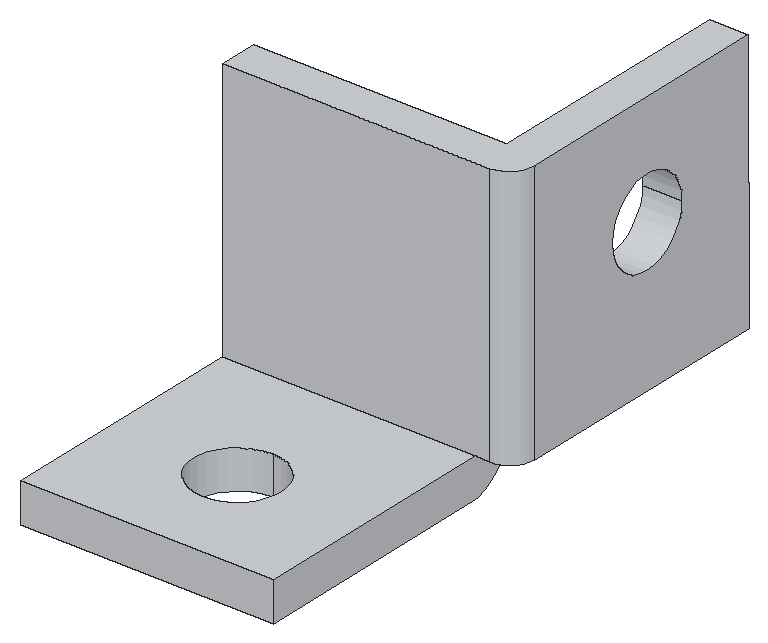
Revit family "Fitting-Wing_Shape-Unistrut-P2341L", category Specialty Equipment, Revit 2012
Parameters (values of type "P2341L")
  ecoScorecard_data = "http://products.ecoscorecard.com/atkore/P2341L"
  ecoScorecard Product Page = "http://products.ecoscorecard.com/atkore/P2341L?action=html"
  Weight Per Piece = 0.60 lbf
  Unit = none
  Unistrut Part Number = "P2341L"  # constant formula
  URL = "http://unistrut.us/index.php"
  Thickness = 1/4"  # constant formula
  Subcategory = "Wing Shape Fittings"  # constant formula
  Product Page URL = "http://unistrut.us/index.php?WP=cat_detail&S=S05&P=P2341L"
  Power Strut Part Number = "PS 922 L"  # constant formula
  Part Type = "Fitting"  # constant formula
  Overall Width = 3 9/16"  # constant formula
  Overall Length = 1 5/8"  # constant formula
  Overall Height = 1 15/16"  # constant formula
  Model = "P2341L"
  Material = ""
  Manufacturer Phone - Toll Free = "800-882-5543"  # constant formula
  Manufacturer Phone = "708-339-1610"  # constant formula
  Manufacturer Fax = "708-339-7814"  # constant formula
  Manufacturer Email = "mailto:jshaw@atkore.com"
  Manufacturer Address = "16100 South Lathrop Avenue, Harvey, IL 60426"  # constant formula
  Manufacturer = "Unistrut by Atkore International"  # constant formula
  Load Capacity Note = "Visit the product page for load application and capacity."  # constant formula
  Literature URL = "http://unistrut.us/index.php?WP=LItLibrary"
  Hole Diameter = 9/16"
  Cost Info = "mailto:jshaw@atkore.com"
  CAD URL = "http://unistrut.us/index.php?WP=CAD3d"
  Assembly Code = "D5020100"
  95 CSI = "16070"  # constant formula
  04 CSI = "26 05 48"  # constant formula
Reference planes (in)
  plane 1 "Center (Front/Back)": y = 0
  plane 2: z = 0
  plane 3 "Center (Left/Right)": x = 0
  plane 4: z = 1.9375
  plane 5: z = 0.25
  plane 6: y = -0.89743
  plane 7: z = 1.21875
  plane 8: y = 1.0625
Dimensions and locks (in)
  "Overall Height": plane 4 to plane 2
  "Thickness": plane 5 to plane 2
  aligned and locked: level to plane 2
Nested families (in)
  nested 1: "2341L" at (0, 0.8125, 0) x (-1, 0, 0) z (0, 0, 1), type "2341L"
Definition of nested family "2341L"
  Parameters (values of type "2341L")
    Width = 3 9/16"
    Unit = none
    Thickness = 1/4"
    Height = 1 15/16"
    Radiuis = Diameter / 2  # 9/32"
    Length = 1 5/8"
    Diameter = 9/16"
    Default Elevation = 0"
    Bolt Length [instance] = 1 1/2"
  Reference planes (in)
    plane 1 "Center (Front/Back)": y = 0
    plane 2: z = 0
    plane 3 "Center (Left/Right)": x = 0
    plane 4: y = 0.8125
    plane 5: y = -0.8125
    plane 6: x = -0.8125
    plane 7: x = 0.8125
    plane 8: z = 1.9375
    plane 9: z = 0.96875
    plane 10: z = 2.1875
    plane 11: y = -2.75
    plane 12: x = -1.0625
    plane 13: y = -1.0625
    plane 14: y = 0.5625
    plane 15: y = 2.4375
  Forms (in)
    Extrusion 1, solid, material <- "Unit"
      sketch origin (0, -0.25, 1.9375) x (0, -1, 0) y (0, 0, -1)
        loop
          line (-0.8125, 0) -> (-0.8125, 1.64264)
          arc (-0.8125, 1.64264) -> (-0.89886, 1.85114) -> (-1.10736, 1.9375) r 0.29486
          line (-1.10736, 1.9375) -> (-2.6875, 1.9375) -> (-2.6875, 1.6875) -> (-1.0625, 1.6875) -> (-1.0625, 0) -> (-0.8125, 0)
      from -0.8125 to 0.8125
    Extrusion 2, solid, material <- "Unit"
      sketch origin (0, -0.25, 1.9375) x (0, -1, 0) y (1, 0, 0)
        loop
          line (0.8125, -1.0625) -> (0.8125, -0.8125) -> (-1.0625, -0.8125) -> (-1.0625, -0.90329)
          arc (-1.0625, -0.90329) -> (-1.01587, -1.01587) -> (-0.90329, -1.0625) r 0.15921
          line (-0.90329, -1.0625) -> (0.8125, -1.0625)
      from -1.6875 to 0
    Extrusion 3, void
      sketch origin (0, -0.25, 1.9375) x (0, -1, 0) y (1, 0, 0)
        loop
          circle (-1.95993, 0) r 0.28125
      from -1.6875 to -1.9375
    Extrusion 4, void
      sketch origin (0, -0.25, 1.9375) x (0, -1, 0) y (0, 0, -1)
        loop
          circle (0, 0.71875) r 0.28125
      from -1.0625 to -0.8125
  Cuts and joins
    Extrusion 3 cuts Extrusion 1
    Extrusion 4 cuts Extrusion 2
    joined: Extrusion 1, Extrusion 2
  Dimensions and locks (in)
    equal spacing: plane 6, plane 3 "Center (Left/Right)", plane 7
    "Length": plane 6 to plane 7
    equal spacing: plane 4, plane 1 "Center (Front/Back)", plane 5
    "Height": plane 8 to plane 2
    equal spacing: plane 8, plane 9, plane 2
    "Thickness": plane 10 to plane 8
    plane 5 to plane 11 = 1 15/16"
    "Thickness": plane 12 to plane 6
    "Thickness": plane 5 to plane 13
    plane 10 to plane 8 = 1/4"
    "Width": plane 4 to plane 11
    "Radiuis": radius of Extrusion 3 sketch curve
    "Radiuis": radius of Extrusion 4 sketch curve
    aligned and locked: level to plane 2
    aligned and locked: Extrusion 3 to Extrusion 1
    aligned and locked: Extrusion 1 to Extrusion 3
    aligned and locked: cut or joined group of Extrusion 1, Extrusion 2, Extrusion 3, Extrusion 4 to cut or joined group of Extrusion 1, Extrusion 2, Extrusion 3, Extrusion 4
    aligned and locked: cut or joined group of Extrusion 1, Extrusion 2, Extrusion 3, Extrusion 4 to plane 15
  Automatic sketch dimensions
    Extrusion 1 sketch curve to level = 0"
    Extrusion 1 sketch curve to plane 4 = 0"
    Extrusion 1 sketch curve to plane 10 = 1/4"
    plane 4 to Extrusion 1 sketch curve = 0.04486"
    level to Extrusion 1 sketch curve = 1/4"
    Extrusion 1 sketch curve to Extrusion 1 sketch curve = 1.58014"
    Extrusion 1 sketch curve to plane 4 = 1/4"
    Extrusion 2 sketch curve to plane 4 = 0"
    Extrusion 2 sketch curve to plane 12 = 0"
    Extrusion 2 sketch curve to plane 6 = 0"
    Extrusion 2 sketch curve to plane 13 = 0"
    Extrusion 2 sketch curve to plane 4 = 0.15921"
    Extrusion 3 sketch curve to plane 3 "Center (Left/Right)" = 0"
    plane 4 to Extrusion 3 sketch curve = 0.89743"
    plane 1 "Center (Front/Back)" to Extrusion 4 sketch curve = 1/4"
    plane 9 to Extrusion 4 sketch curve = 1/4"
